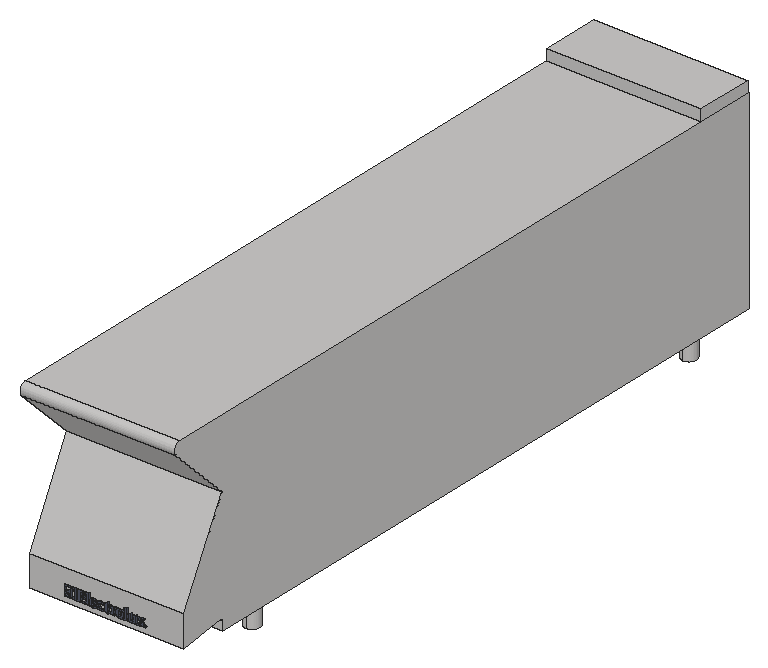
Revit family "QF_ELECTROLUXPROFESSIONAL_391543_E9SSAGAOMAE", category Specialty Equipment, Revit 2018
Family settings
  Round Connector Dimension = Use Diameter
  Part Type = Normal
  Work Plane-Based = No
  Always vertical = Yes
  Cut with Voids When Loaded = No
  Shared = No
  Room Calculation Point = No
Parameters (values of type "Standard")
  Weight = 13.00 kg
  Watts = 0 W
  Volts = 0 V
  URL Manufacturer = "http://professional.electrolux.com"
  URL = "http://professional.electrolux.com"
  Steam Supply Size = 0"
  Steam Supply Minimum Pressure = 0.00 psi
  Steam Supply Maximum Pressure = 0.00 psi
  Steam Pounds per Hour = 0
  Show Logo [instance] = yes
  Refrigeration Suction Line Size = 0 mm
  Refrigeration Liquid Line Size = 0 mm
  Refrigerant Compressor Remote = yes
  Phase = 0
  Model = "E9SSAGAOMAE"
  Manufacturer = "Electrolux Professional"
  Length Actual = 200 mm  # constant formula
  Item Number = "391543"
  Hot Water Size = 0"
  Height Actual = 250 mm  # constant formula
  HP = "0 HP"
  Gas Size = 0"
  Gas KW = 0
  Gas Input Pressure = 0.0 Btu/h
  Direct Waste Size = 0"
  Description = "WORKTOP 200 MM 3 MM WORKTOP"
  Depth Actual = 930 mm  # constant formula
  Cycle = 0 Hz
  Condensate Return Size = 0"
  Compressed Air Volume = 0 GPM
  Compressed Air Size = 0"
  Compressed Air Pressure = 0.00 psi
  Cold Water Size = 0"
  Accessory = yes
Reference planes
  plane 1 "BACK": y = 0
  plane 2: z = 0
  plane 3 "LEFT": x = 0
  plane 4 "RIGHT": x = 200
  plane 5 "FRONT": y = -930
  plane 6 "TOP": z = 274.638
  plane 7 "Center Y": x = 100
  plane 8 "Center X": y = -465
  plane 9: z = 24
  plane 10: z = 289
  plane 11: y = -82
  plane 12: y = -790
Forms (mm)
  Extrusion 1, solid, material "QF_Finishes_Stainless Steel"
    sketch origin (0, 0, 0) x (0, 1, 0) y (0, 0, 1)
      loop
        line (0, 24) -> (0, 274.637) -> (-921.37, 274.638)
        arc (-921.37, 274.638) -> (-929.343, 269.31) -> (-927.472, 259.906) r 8.63
        line (-927.472, 259.906) -> (-853.91, 186.343) -> (-914.833, 70.673) -> (-914.833, 30.491) -> (-855.71, 38.8)
        arc (-855.71, 38.8) -> (-853.185, 38.052) -> (-852.093, 35.656) r 3.175
        line (-852.093, 35.656) -> (-852.093, 24) -> (0, 24)
    from 0 to 200
  Extrusion 2, solid, material "QF_Finishes_Stainless Steel"
    sketch origin (0, -199.871, 0) x (1, 0, 0) y (0, 1, 0)
      loop
        circle (11.112, 117.871) r 9.525
      loop
        circle (188.888, 117.871) r 9.525
      loop
        circle (11.112, -590.129) r 9.525
      loop
        circle (188.888, -590.129) r 9.525
    from 0 to 23.812
  Extrusion 3, solid, material "QF_Finishes_Stainless Steel"
    sketch origin (0, -199.871, 0) x (0, 1, 0) y (0, 0, 1)
      loop
        line (199.871, 274.638) -> (199.871, 289) -> (123.671, 289) -> (123.671, 274.638) -> (199.871, 274.638)
    from 0 to 200
  Extrusion 4, solid, material "QF_Finishes_Navy Blue", visible <- "Show Logo"
    sketch origin (0, -914.833, 30.491) x (0, 0, 1) y (-1, 0, 0)
      loop
        line (21.086, -54.997) -> (8.72, -54.997)
        arc (8.72, -54.997) -> (14.903, -59.568) -> (21.086, -54.997) r 6.467
      loop
        arc (21.086, -54.368) -> (19.917, -49.225) -> (15.261, -46.747) r 6.338
        line (15.261, -46.747) -> (15.261, -48.793)
        arc (15.261, -48.793) -> (16.745, -52.448) -> (20.191, -54.368) r 5.941
        line (20.191, -54.368) -> (21.086, -54.368)
      loop
        arc (9.615, -54.368) -> (13.061, -52.448) -> (14.544, -48.793) r 5.941
        line (14.544, -48.793) -> (14.544, -46.747)
        arc (14.544, -46.747) -> (9.85, -49.221) -> (8.561, -54.368) r 6.504
        line (8.561, -54.368) -> (9.615, -54.368)
      loop
        line (21.761, -46.278) -> (8.017, -46.278) -> (8.017, -60.041) -> (21.761, -60.041) -> (21.761, -46.278)
      loop
        arc (21.845, -63.008) -> (21.497, -62.651) -> (21.13, -62.989) r 0.358
        arc (21.13, -62.989) -> (20.816, -63.739) -> (20.099, -64.124) r 1.216
        line (20.099, -64.124) -> (9.686, -64.124)
        arc (9.686, -64.124) -> (9.026, -63.846) -> (8.63, -63.25) r 1.238
        arc (8.63, -63.25) -> (8.236, -62.999) -> (7.93, -63.353) r 0.358
        line (7.93, -63.353) -> (7.93, -73.232) -> (10.681, -73.232) -> (10.681, -72.335)
        arc (10.681, -72.335) -> (9.772, -71.755) -> (9.316, -70.778) r 1.928
        line (9.316, -70.778) -> (9.316, -68.279)
        arc (9.316, -68.279) -> (9.592, -67.55) -> (10.281, -67.186) r 1.101
        line (10.281, -67.186) -> (14.367, -67.186) -> (14.367, -70.859)
        arc (14.367, -70.859) -> (14.014, -71.357) -> (13.449, -71.584) r 1.083
        arc (13.449, -71.584) -> (13.186, -71.89) -> (13.478, -72.168) r 0.292
        line (13.478, -72.168) -> (16.44, -72.168)
        arc (16.44, -72.168) -> (16.743, -71.895) -> (16.504, -71.565) r 0.305
        arc (16.504, -71.565) -> (16.014, -71.317) -> (15.709, -70.859) r 1.083
        line (15.709, -70.859) -> (15.709, -67.186) -> (20.386, -67.186) -> (20.386, -70.933)
        arc (20.386, -70.933) -> (20.172, -71.689) -> (19.565, -72.187) r 1.314
        arc (19.565, -72.187) -> (19.346, -72.591) -> (19.7, -72.883) r 0.361
        line (19.7, -72.883) -> (21.845, -72.883) -> (21.845, -63.008)
      loop
        arc (21.127, -73.664) -> (20.747, -74.583) -> (19.828, -74.963) r 1.299
        line (19.828, -74.963) -> (10.249, -74.963)
        arc (10.249, -74.963) -> (9.412, -74.585) -> (9.14, -73.707) r 1.118
        line (9.14, -73.707) -> (7.93, -73.707) -> (7.93, -79.057) -> (9.119, -79.057)
        arc (9.119, -79.057) -> (9.39, -78.14) -> (10.26, -77.744) r 1.153
        line (10.26, -77.744) -> (22.332, -77.744) -> (21.127, -73.664)
      loop
        line (12.895, -81.693) -> (12.895, -88.141) -> (13.694, -88.141)
        arc (13.694, -88.141) -> (16.275, -87.156) -> (17.543, -84.702) r 3.874
        line (17.543, -84.702) -> (17.543, -82.942)
        arc (17.543, -82.942) -> (16.357, -80.077) -> (13.492, -78.891) r 4.051
        line (13.492, -78.891) -> (11.484, -78.891)
        arc (11.484, -78.891) -> (8.666, -80.376) -> (7.614, -83.383) r 4.352
        arc (7.614, -83.383) -> (7.978, -85.846) -> (9.356, -87.92) r 5.713
        line (9.356, -87.92) -> (10.305, -87.92)
        arc (10.305, -87.92) -> (9.572, -86.351) -> (9.356, -84.633) r 5.579
        arc (9.356, -84.633) -> (10.15, -82.67) -> (12.029, -81.693) r 3.057
        line (12.029, -81.693) -> (12.895, -81.693)
      loop
        line (14.154, -81.693) -> (14.154, -85.275)
        arc (14.154, -85.275) -> (15.611, -85.322) -> (16.494, -84.163) r 1.59
        line (16.494, -84.163) -> (16.494, -83.333)
        arc (16.494, -83.333) -> (15.63, -82.078) -> (14.154, -81.693) r 2.184
      loop
        arc (16.945, -97.558) -> (17.434, -95.884) -> (17.592, -94.147) r 9.023
        line (17.592, -94.147) -> (17.592, -92.785)
        arc (17.592, -92.785) -> (16.432, -89.985) -> (13.633, -88.826) r 3.959
        line (13.633, -88.826) -> (11.032, -88.826)
        arc (11.032, -88.826) -> (8.751, -90.118) -> (7.633, -92.491) r 4.331
        line (7.633, -92.491) -> (7.633, -94.626)
        arc (7.633, -94.626) -> (8.141, -96.176) -> (9.063, -97.522) r 5.772
        arc (9.063, -97.522) -> (9.825, -97.573) -> (9.911, -96.814) r 0.553
        arc (9.911, -96.814) -> (9.523, -96.08) -> (9.389, -95.261) r 2.573
        line (9.389, -95.261) -> (9.389, -93.746)
        arc (9.389, -93.746) -> (10.395, -92.104) -> (12.21, -91.462) r 2.884
        line (12.21, -91.462) -> (13.489, -91.462)
        arc (13.489, -91.462) -> (15.31, -92.022) -> (16.236, -93.687) r 2.554
        line (16.236, -93.687) -> (16.236, -94.74)
        arc (16.236, -94.74) -> (15.905, -95.668) -> (15.248, -96.403) r 2.564
        arc (15.248, -96.403) -> (15.026, -97.12) -> (15.636, -97.558) r 0.643
        line (15.636, -97.558) -> (16.945, -97.558)
      loop
        line (15.927, -97.828) -> (15.927, -99.329) -> (9.879, -99.329)
        arc (9.879, -99.329) -> (8.291, -99.987) -> (7.633, -101.575) r 2.246
        line (7.633, -101.575) -> (7.633, -103.159)
        arc (7.633, -103.159) -> (7.947, -104.023) -> (8.448, -104.795) r 4.06
        arc (8.448, -104.795) -> (9.18, -104.928) -> (9.431, -104.227) r 0.576
        arc (9.431, -104.227) -> (9.325, -103.701) -> (9.389, -103.169) r 1.69
        arc (9.389, -103.169) -> (9.931, -102.381) -> (10.837, -102.078) r 1.506
        line (10.837, -102.078) -> (15.975, -102.078) -> (15.975, -104.475) -> (16.532, -105.031) -> (17.353, -105.031) -> (17.353, -102.172) -> (20.585, -102.172) -> (15.927, -97.828)
      loop
        line (7.851, -105.929) -> (7.851, -111.316) -> (8.961, -111.316)
        arc (8.961, -111.316) -> (9.355, -110.365) -> (10.306, -109.971) r 1.345
        line (10.306, -109.971) -> (13.922, -109.971)
        arc (13.922, -109.971) -> (14.686, -110.563) -> (14.976, -111.485) r 1.615
        line (14.976, -111.485) -> (14.976, -113.041) -> (17.532, -113.726) -> (17.532, -112.343) -> (15.589, -109.784) -> (17.469, -109.784) -> (17.185, -107.078)
        arc (17.185, -107.078) -> (16.745, -106.548) -> (16.087, -106.749) r 0.621
        arc (16.087, -106.749) -> (15.686, -107.091) -> (15.192, -107.274) r 1.501
        line (15.192, -107.274) -> (10.306, -107.274)
        arc (10.306, -107.274) -> (9.355, -106.88) -> (8.961, -105.929) r 1.345
        line (8.961, -105.929) -> (7.851, -105.929)
      loop
        line (13.952, -113.263) -> (11.26, -113.263)
        arc (11.26, -113.263) -> (8.815, -114.571) -> (7.681, -117.101) r 4.288
        arc (7.681, -117.101) -> (7.617, -118.482) -> (7.681, -119.862) r 15.022
        arc (7.681, -119.862) -> (8.815, -122.393) -> (11.26, -123.7) r 4.288
        line (11.26, -123.7) -> (13.952, -123.7)
        arc (13.952, -123.7) -> (16.398, -122.393) -> (17.532, -119.862) r 4.288
        arc (17.532, -119.862) -> (17.595, -118.482) -> (17.532, -117.101) r 15.022
        arc (17.532, -117.101) -> (16.398, -114.571) -> (13.952, -113.263) r 4.288
      loop
        line (14.157, -116.377) -> (11.056, -116.377)
        arc (11.056, -116.377) -> (8.899, -118.534) -> (11.056, -120.691) r 2.157
        line (11.056, -120.691) -> (14.157, -120.691)
        arc (14.157, -120.691) -> (16.314, -118.534) -> (14.157, -116.377) r 2.157
      loop
        arc (21.138, -123.558) -> (20.768, -124.452) -> (19.874, -124.823) r 1.264
        line (19.874, -124.823) -> (10.009, -124.823)
        arc (10.009, -124.823) -> (9.139, -124.426) -> (8.868, -123.51) r 1.153
        line (8.868, -123.51) -> (7.93, -123.51) -> (7.93, -128.618) -> (8.858, -128.618)
        arc (8.858, -128.618) -> (9.218, -127.846) -> (10.009, -127.531) r 1.153
        line (10.009, -127.531) -> (22.332, -127.531) -> (21.138, -123.558)
      loop
        arc (16.258, -128.156) -> (16.059, -129.22) -> (15.09, -129.702) r 1.215
        line (15.09, -129.702) -> (10.07, -129.702)
        arc (10.07, -129.702) -> (8.455, -130.349) -> (7.735, -131.932) r 2.338
        line (7.735, -131.932) -> (7.735, -133.447)
        arc (7.735, -133.447) -> (7.909, -134.451) -> (8.412, -135.337) r 2.979
        line (8.412, -135.337) -> (7.93, -137.134) -> (7.93, -138.822) -> (17.356, -138.822) -> (17.062, -134.619) -> (16.275, -134.619)
        arc (16.275, -134.619) -> (15.92, -135.455) -> (15.167, -135.964) r 1.605
        line (15.167, -135.964) -> (10.064, -135.964)
        arc (10.064, -135.964) -> (9.644, -135.027) -> (9.571, -134.003) r 2.94
        arc (9.571, -134.003) -> (10.132, -132.902) -> (11.286, -132.459) r 1.724
        line (11.286, -132.459) -> (17.482, -132.459) -> (16.258, -128.156)
      loop
        line (17.287, -139.676) -> (15.614, -141.722) -> (12.44, -144.028) -> (8.984, -140.916)
        arc (8.984, -140.916) -> (8.747, -140.522) -> (8.769, -140.063) r 0.789
        line (8.769, -140.063) -> (7.93, -140.063) -> (7.93, -143.608) -> (8.756, -143.608)
        arc (8.756, -143.608) -> (9.099, -143.246) -> (9.589, -143.338) r 0.52
        line (9.589, -143.338) -> (11.389, -144.809) -> (9.27, -146.185)
        arc (9.27, -146.185) -> (8.869, -145.875) -> (8.782, -145.375) r 0.7
        line (8.782, -145.375) -> (7.93, -145.375) -> (7.93, -151.302) -> (8.817, -151.302)
        arc (8.817, -151.302) -> (8.884, -150.643) -> (9.279, -150.112) r 1.247
        line (9.279, -150.112) -> (13.478, -146.831) -> (15.925, -148.884) -> (17.287, -150.626) -> (17.287, -146.902) -> (15.801, -147.325) -> (14.28, -146.048) -> (15.98, -144.858) -> (17.287, -145.634) -> (17.287, -139.676)
    from 0 to 1.644
Lines and regions (mm)
  symbolic lines
    curve 1: line (0, -930, 0) -> (200, -930, 0)
    curve 2: line (0, 0, 0) -> (0, -930, 0)
    curve 3: line (200, 0, 0) -> (0, 0, 0)
    curve 4: line (200, -930, 0) -> (200, 0, 0)
    curve 5: line (0, -76.2, 0) -> (200, -76.2, 0)
    curve 6: line (0, -923.65, 0) -> (200, -923.65, 0)
Dimensions and locks
  equal spacing: plane 3 "LEFT", plane 7 "Center Y", plane 4 "RIGHT"
  plane 3 "LEFT" to plane 4 "RIGHT" = 200 mm
  equal spacing: plane 5 "FRONT", plane 8 "Center X", plane 1 "BACK"
  plane 5 "FRONT" to plane 1 "BACK" = 930 mm
  plane 10 to level = 289 mm
  plane 9 to level = 24 mm
  Extrusion 1 to plane 9 = 250.637 mm
  plane 9 to plane 2 = 24 mm
  plane 11 to plane 1 "BACK" = 82 mm
  plane 12 to plane 11 = 708 mm
  Extrusion 1 to plane 12 = 124.833 mm
  Extrusion 1 to plane 1 "BACK" = 914.833 mm
  aligned and locked: level to plane 2
Automatic sketch dimensions
  curve 5 to plane 3 "LEFT" = 0 mm
  plane 1 "BACK" to curve 2 = 0 mm
  curve 6 to plane 4 "RIGHT" = 0 mm
  curve 5 to curve 3 = 76.2 mm
  curve 6 to plane 5 "FRONT" = 6.35 mm
  curve 2 to curve 6 = 6.35 mm
  Extrusion 2 sketch curve to Extrusion 2 sketch curve = 0 mm  (x8)
  plane 3 "LEFT" to Extrusion 2 sketch curve = 11.112 mm  (x2)
  Extrusion 2 sketch curve to plane 4 "RIGHT" = 11.112 mm  (x2)
  Extrusion 2 sketch curve to plane 8 "Center X" = 334.525 mm  (x2)
  Extrusion 2 sketch curve to Extrusion 2 sketch curve = 9.525 mm  (x4)
  plane 1 "BACK" to Extrusion 2 sketch curve = 91.525 mm  (x2)
  Extrusion 3 sketch curve to plane 6 "TOP" = 0 mm
  plane 1 "BACK" to Extrusion 3 sketch curve = 0 mm
  Extrusion 3 sketch curve to plane 10 = 0 mm
  plane 1 "BACK" to Extrusion 3 sketch curve = 76.2 mm
  Extrusion 1 sketch curve to plane 6 "TOP" = 0 mm
  Extrusion 1 sketch curve to plane 9 = 0 mm
  Extrusion 1 sketch curve to plane 1 "BACK" = 0 mm
  plane 9 to Extrusion 1 sketch curve = 11.656 mm
  Extrusion 1 sketch curve to plane 12 = 62.093 mm
  Extrusion 1 sketch curve to plane 12 = 63.91 mm
  Extrusion 1 sketch curve to Extrusion 1 sketch curve = 3.175 mm
  Extrusion 1 sketch curve to Extrusion 1 sketch curve = 0.442 mm
  Extrusion 1 sketch curve to plane 5 "FRONT" = 15.167 mm
  Extrusion 1 sketch curve to plane 5 "FRONT" = 8.63 mm
  Extrusion 1 sketch curve to plane 5 "FRONT" = 2.528 mm
  plane 9 to Extrusion 1 sketch curve = 6.491 mm
  Extrusion 1 sketch curve to Extrusion 1 sketch curve = 40.183 mm
  Extrusion 1 sketch curve to plane 6 "TOP" = 88.295 mm
  Extrusion 1 sketch curve to plane 6 "TOP" = 14.732 mm
  Extrusion 4 sketch curve to Extrusion 1 = 2.573 mm
  Extrusion 4 sketch curve to Extrusion 1 = 7.614 mm
  Extrusion 4 sketch curve to Extrusion 1 = 7.633 mm  (x2)
  Extrusion 4 sketch curve to Extrusion 4 sketch curve = 5.108 mm  (x2)
  Extrusion 4 sketch curve to Extrusion 4 sketch curve = 0 mm  (x27)
  Extrusion 4 sketch curve to Extrusion 1 = 7.735 mm
  Extrusion 4 sketch curve to Extrusion 4 sketch curve = 0.218 mm
  Extrusion 4 sketch curve to Extrusion 4 sketch curve = 0.195 mm
  Extrusion 4 sketch curve to Extrusion 4 sketch curve = 0.249 mm
  Extrusion 4 sketch curve to Extrusion 1 = 7.93 mm
  Extrusion 4 sketch curve to Extrusion 4 sketch curve = 0.087 mm
  Extrusion 4 sketch curve to Extrusion 4 sketch curve = 0.358 mm
  Extrusion 4 sketch curve to Extrusion 4 sketch curve = 0.481 mm
  Extrusion 4 sketch curve to Extrusion 4 sketch curve = 0.597 mm
  Extrusion 4 sketch curve to Extrusion 4 sketch curve = 0.544 mm
  Extrusion 4 sketch curve to Extrusion 4 sketch curve = 0.936 mm
  Extrusion 4 sketch curve to Extrusion 4 sketch curve = 0.594 mm
  Extrusion 4 sketch curve to Extrusion 4 sketch curve = 0.343 mm
  Extrusion 4 sketch curve to Extrusion 4 sketch curve = 0.159 mm
  Extrusion 4 sketch curve to Extrusion 4 sketch curve = 0.826 mm
  Extrusion 4 sketch curve to Extrusion 4 sketch curve = 0.839 mm
  Extrusion 4 sketch curve to Extrusion 4 sketch curve = 0.852 mm
  Extrusion 4 sketch curve to Extrusion 4 sketch curve = 0.887 mm
  Extrusion 4 sketch curve to Extrusion 4 sketch curve = 0.928 mm
  Extrusion 4 sketch curve to Extrusion 4 sketch curve = 0.938 mm
  Extrusion 4 sketch curve to Extrusion 4 sketch curve = 0.444 mm
  Extrusion 4 sketch curve to Extrusion 4 sketch curve = 1.11 mm  (x3)
  Extrusion 4 sketch curve to Extrusion 4 sketch curve = 0.215 mm
  Extrusion 4 sketch curve to Extrusion 4 sketch curve = 1.43 mm
  Extrusion 4 sketch curve to Extrusion 4 sketch curve = 1.188 mm
  Extrusion 4 sketch curve to Extrusion 4 sketch curve = 1.21 mm  (x2)
  Extrusion 4 sketch curve to Extrusion 4 sketch curve = 0.503 mm
  Extrusion 4 sketch curve to Extrusion 4 sketch curve = 0.488 mm
  Extrusion 4 sketch curve to Extrusion 4 sketch curve = 0.462 mm
  Extrusion 4 sketch curve to Extrusion 4 sketch curve = 1.386 mm
  Extrusion 4 sketch curve to Extrusion 4 sketch curve = 1.742 mm  (x2)
  Extrusion 4 sketch curve to Extrusion 4 sketch curve = 0.821 mm
  Extrusion 4 sketch curve to Extrusion 4 sketch curve = 0.497 mm
  Extrusion 4 sketch curve to Extrusion 4 sketch curve = 0.539 mm
  Extrusion 4 sketch curve to Extrusion 4 sketch curve = 0.686 mm
  Extrusion 4 sketch curve to Extrusion 4 sketch curve = 0.408 mm
  Extrusion 4 sketch curve to Extrusion 4 sketch curve = 0.743 mm
  Extrusion 4 sketch curve to Extrusion 4 sketch curve = 1.16 mm
  Extrusion 4 sketch curve to Extrusion 4 sketch curve = 0.329 mm
  Extrusion 4 sketch curve to Extrusion 4 sketch curve = 1.054 mm
  Extrusion 4 sketch curve to Extrusion 4 sketch curve = 1.056 mm
  Extrusion 4 sketch curve to Extrusion 4 sketch curve = 0.129 mm
  Extrusion 4 sketch curve to Extrusion 4 sketch curve = 0.489 mm
  Extrusion 4 sketch curve to Extrusion 4 sketch curve = 0.441 mm
  Extrusion 4 sketch curve to Extrusion 4 sketch curve = 1.151 mm
  Extrusion 4 sketch curve to Extrusion 4 sketch curve = 1.141 mm  (x2)
  Extrusion 4 sketch curve to Extrusion 4 sketch curve = 0.768 mm
  Extrusion 4 sketch curve to Extrusion 4 sketch curve = 1.653 mm
  Extrusion 4 sketch curve to Extrusion 4 sketch curve = 0.499 mm
  Extrusion 4 sketch curve to Extrusion 4 sketch curve = 0.964 mm
  Extrusion 4 sketch curve to Extrusion 4 sketch curve = 0.949 mm
  Extrusion 4 sketch curve to Extrusion 4 sketch curve = 1.345 mm  (x3)
  Extrusion 4 sketch curve to Extrusion 4 sketch curve = 1.101 mm
  Extrusion 4 sketch curve to Extrusion 4 sketch curve = 0.432 mm
  Extrusion 4 sketch curve to Extrusion 4 sketch curve = 1.142 mm
  Extrusion 4 sketch curve to Extrusion 4 sketch curve = 0.959 mm
  Extrusion 4 sketch curve to Extrusion 4 sketch curve = 0.176 mm
  Extrusion 4 sketch curve to Extrusion 4 sketch curve = 0.728 mm
  Extrusion 4 sketch curve to Extrusion 4 sketch curve = 3.375 mm  (x2)
  Extrusion 4 sketch curve to Extrusion 4 sketch curve = 0.541 mm
  Extrusion 4 sketch curve to Extrusion 4 sketch curve = 0.955 mm
  Extrusion 4 sketch curve to Extrusion 4 sketch curve = 1.251 mm
  Extrusion 4 sketch curve to Extrusion 4 sketch curve = 0.572 mm
  Extrusion 4 sketch curve to Extrusion 4 sketch curve = 1.92 mm
  Extrusion 4 sketch curve to Extrusion 4 sketch curve = 1.224 mm
  Extrusion 4 sketch curve to Extrusion 4 sketch curve = 0.745 mm
  Extrusion 4 sketch curve to Extrusion 4 sketch curve = 2.537 mm
  Extrusion 4 sketch curve to Extrusion 4 sketch curve = 0.896 mm  (x3)
  Extrusion 4 sketch curve to Extrusion 4 sketch curve = 0.036 mm
  Extrusion 4 sketch curve to Extrusion 4 sketch curve = 2.607 mm
  Extrusion 4 sketch curve to Extrusion 4 sketch curve = 0.066 mm
  Extrusion 4 sketch curve to Extrusion 4 sketch curve = 0.248 mm
  Extrusion 4 sketch curve to Extrusion 4 sketch curve = 0.449 mm
  Extrusion 4 sketch curve to Extrusion 4 sketch curve = 1.052 mm
  Extrusion 4 sketch curve to Extrusion 4 sketch curve = 1.863 mm
  Extrusion 4 sketch curve to Extrusion 4 sketch curve = 1.31 mm  (x2)
  Extrusion 4 sketch curve to Extrusion 4 sketch curve = 0.901 mm
  Extrusion 4 sketch curve to Extrusion 4 sketch curve = 1.107 mm
  Extrusion 4 sketch curve to Extrusion 4 sketch curve = 2.122 mm
  Extrusion 4 sketch curve to Extrusion 4 sketch curve = 2.101 mm
  Extrusion 4 sketch curve to Extrusion 4 sketch curve = 0.106 mm
  Extrusion 4 sketch curve to Extrusion 4 sketch curve = 0.029 mm
  Extrusion 4 sketch curve to Extrusion 4 sketch curve = 2.09 mm
  Extrusion 4 sketch curve to Extrusion 4 sketch curve = 1.279 mm
  Extrusion 4 sketch curve to Extrusion 4 sketch curve = 2.008 mm
  Extrusion 4 sketch curve to Extrusion 4 sketch curve = 0.738 mm
  Extrusion 4 sketch curve to Extrusion 4 sketch curve = 0.382 mm
  Extrusion 4 sketch curve to Extrusion 4 sketch curve = 0.384 mm
  Extrusion 4 sketch curve to Extrusion 4 sketch curve = 0.002 mm
  Extrusion 4 sketch curve to Extrusion 4 sketch curve = 0.561 mm
  Extrusion 4 sketch curve to Extrusion 4 sketch curve = 0.592 mm
  Extrusion 4 sketch curve to Extrusion 4 sketch curve = 2.692 mm
  Extrusion 4 sketch curve to Extrusion 4 sketch curve = 1.259 mm
  Extrusion 4 sketch curve to Extrusion 4 sketch curve = 0.802 mm
  Extrusion 4 sketch curve to Extrusion 4 sketch curve = 1.024 mm  (x2)
  Extrusion 4 sketch curve to Extrusion 4 sketch curve = 0.682 mm
  Extrusion 4 sketch curve to Extrusion 4 sketch curve = 5.934 mm
  Extrusion 4 sketch curve to Extrusion 4 sketch curve = 2.186 mm
  Extrusion 4 sketch curve to Extrusion 4 sketch curve = 0.337 mm
  Extrusion 4 sketch curve to Extrusion 4 sketch curve = 0.021 mm
  Extrusion 4 sketch curve to Extrusion 4 sketch curve = 1.005 mm
  Extrusion 4 sketch curve to Extrusion 4 sketch curve = 0.552 mm
  Extrusion 4 sketch curve to Extrusion 4 sketch curve = 0.778 mm
  Extrusion 4 sketch curve to Extrusion 4 sketch curve = 0.063 mm
  Extrusion 4 sketch curve to Extrusion 4 sketch curve = 1.023 mm
  Extrusion 4 sketch curve to Extrusion 4 sketch curve = 3.804 mm
  Extrusion 4 sketch curve to Extrusion 4 sketch curve = 0.486 mm
  Extrusion 4 sketch curve to Extrusion 4 sketch curve = 0.266 mm
  Extrusion 4 sketch curve to Extrusion 4 sketch curve = 1.547 mm
  Extrusion 4 sketch curve to Extrusion 4 sketch curve = 0.717 mm  (x2)
  Extrusion 4 sketch curve to Extrusion 4 sketch curve = 1.667 mm
  Extrusion 4 sketch curve to Extrusion 4 sketch curve = 3.174 mm
  Extrusion 4 sketch curve to Extrusion 4 sketch curve = 0.388 mm
  Extrusion 4 sketch curve to Extrusion 4 sketch curve = 1.342 mm
  Extrusion 4 sketch curve to Extrusion 4 sketch curve = 1.521 mm
  Extrusion 4 sketch curve to Extrusion 4 sketch curve = 0.124 mm
  Extrusion 4 sketch curve to Extrusion 4 sketch curve = 0.291 mm
  Extrusion 4 sketch curve to Extrusion 4 sketch curve = 1.049 mm  (x2)
  Extrusion 4 sketch curve to Extrusion 4 sketch curve = 1.7 mm
  Extrusion 4 sketch curve to Extrusion 4 sketch curve = 0.894 mm
  Extrusion 4 sketch curve to Extrusion 4 sketch curve = 0.989 mm
  Extrusion 4 sketch curve to Extrusion 4 sketch curve = 1.168 mm
  Extrusion 4 sketch curve to Extrusion 4 sketch curve = 1.594 mm
  Extrusion 4 sketch curve to Extrusion 4 sketch curve = 0.731 mm
  Extrusion 4 sketch curve to Extrusion 4 sketch curve = 1.566 mm
  Extrusion 4 sketch curve to Extrusion 4 sketch curve = 0.064 mm
  Extrusion 4 sketch curve to Extrusion 4 sketch curve = 0.556 mm  (x2)
  Extrusion 4 sketch curve to Extrusion 4 sketch curve = 0.48 mm
  Extrusion 4 sketch curve to Extrusion 4 sketch curve = 1.018 mm
  Extrusion 4 sketch curve to Extrusion 4 sketch curve = 0.787 mm
  Extrusion 4 sketch curve to Extrusion 4 sketch curve = 0.618 mm
  Extrusion 4 sketch curve to Extrusion 4 sketch curve = 1.672 mm
  Extrusion 4 sketch curve to Extrusion 4 sketch curve = 1.361 mm
  Extrusion 4 sketch curve to Extrusion 4 sketch curve = 0.822 mm
  Extrusion 4 sketch curve to Extrusion 4 sketch curve = 0.069 mm
  Extrusion 4 sketch curve to Extrusion 4 sketch curve = 1.88 mm
  Extrusion 4 sketch curve to Extrusion 4 sketch curve = 0.42 mm
  Extrusion 4 sketch curve to Extrusion 4 sketch curve = 0.062 mm
  Extrusion 4 sketch curve to Extrusion 4 sketch curve = 1.355 mm
  Extrusion 4 sketch curve to Extrusion 4 sketch curve = 2.34 mm
  Extrusion 4 sketch curve to Extrusion 4 sketch curve = 0.493 mm
  Extrusion 4 sketch curve to Extrusion 4 sketch curve = 0.136 mm
  Extrusion 4 sketch curve to Extrusion 4 sketch curve = 0.128 mm
  Extrusion 4 sketch curve to Extrusion 4 sketch curve = 3.616 mm
  Extrusion 4 sketch curve to Extrusion 4 sketch curve = 4.207 mm
  Extrusion 4 sketch curve to Extrusion 4 sketch curve = 0.183 mm
  Extrusion 4 sketch curve to Extrusion 4 sketch curve = 0.895 mm
  Extrusion 4 sketch curve to Extrusion 4 sketch curve = 1.314 mm
  Extrusion 4 sketch curve to Extrusion 4 sketch curve = 3.231 mm
  Extrusion 4 sketch curve to Extrusion 4 sketch curve = 1.299 mm
  Extrusion 4 sketch curve to Extrusion 4 sketch curve = 1.214 mm
  Extrusion 4 sketch curve to Extrusion 4 sketch curve = 1.264 mm
  Extrusion 4 sketch curve to Extrusion 4 sketch curve = 0.109 mm
  Extrusion 4 sketch curve to Extrusion 4 sketch curve = 0.357 mm
  Extrusion 4 sketch curve to Extrusion 4 sketch curve = 0.565 mm
  Extrusion 4 sketch curve to Extrusion 4 sketch curve = 2.504 mm
  Extrusion 4 sketch curve to Extrusion 4 sketch curve = 2.459 mm
  Extrusion 1 to Extrusion 4 sketch curve = 48.698 mm
  Extrusion 4 sketch curve to Extrusion 4 sketch curve = 0.208 mm
  Extrusion 4 sketch curve to Extrusion 4 sketch curve = 0.468 mm  (x2)
  Extrusion 4 sketch curve to Extrusion 4 sketch curve = 1.559 mm
  Extrusion 4 sketch curve to Extrusion 4 sketch curve = 0.422 mm  (x2)
  Extrusion 4 sketch curve to Extrusion 4 sketch curve = 0.494 mm
  Extrusion 4 sketch curve to Extrusion 4 sketch curve = 3.927 mm
  Extrusion 4 sketch curve to Extrusion 4 sketch curve = 0.782 mm
  Extrusion 4 sketch curve to Extrusion 4 sketch curve = 1.268 mm
  Extrusion 4 sketch curve to Extrusion 4 sketch curve = 0.671 mm
  Extrusion 4 sketch curve to Extrusion 4 sketch curve = 0.777 mm
  Extrusion 4 sketch curve to Extrusion 4 sketch curve = 0.704 mm
  Extrusion 4 sketch curve to Extrusion 4 sketch curve = 0.781 mm  (x2)
  Extrusion 4 sketch curve to Extrusion 4 sketch curve = 1.634 mm
  Extrusion 4 sketch curve to Extrusion 4 sketch curve = 0.132 mm
  Extrusion 4 sketch curve to Extrusion 4 sketch curve = 3.136 mm
  Extrusion 4 sketch curve to Extrusion 4 sketch curve = 2.422 mm
  Extrusion 4 sketch curve to Extrusion 4 sketch curve = 0.586 mm
  Extrusion 4 sketch curve to Extrusion 4 sketch curve = 2.046 mm  (x2)
  Extrusion 4 sketch curve to Extrusion 4 sketch curve = 1.241 mm
  Extrusion 4 sketch curve to Extrusion 4 sketch curve = 1.689 mm
  Extrusion 4 sketch curve to Extrusion 4 sketch curve = 2.859 mm
  Extrusion 4 sketch curve to Extrusion 4 sketch curve = 0.627 mm
  Extrusion 4 sketch curve to Extrusion 4 sketch curve = 0.863 mm
  Extrusion 4 sketch curve to Extrusion 4 sketch curve = 0.419 mm
  Extrusion 4 sketch curve to Extrusion 4 sketch curve = 1.514 mm
  Extrusion 4 sketch curve to Extrusion 4 sketch curve = 1.019 mm
  Extrusion 4 sketch curve to Extrusion 4 sketch curve = 0.065 mm
  Extrusion 4 sketch curve to Extrusion 4 sketch curve = 1.215 mm
  Extrusion 4 sketch curve to Extrusion 4 sketch curve = 2.708 mm
  Extrusion 4 sketch curve to Extrusion 4 sketch curve = 1.122 mm
  Extrusion 4 sketch curve to Extrusion 4 sketch curve = 1.153 mm
  Extrusion 4 sketch curve to Extrusion 4 sketch curve = 3.009 mm
  Extrusion 4 sketch curve to Extrusion 4 sketch curve = 0.829 mm  (x2)
  Extrusion 4 sketch curve to Extrusion 4 sketch curve = 0.934 mm
  Extrusion 4 sketch curve to Extrusion 4 sketch curve = 3.376 mm
  Extrusion 4 sketch curve to Extrusion 4 sketch curve = 0.222 mm
  Extrusion 4 sketch curve to Extrusion 4 sketch curve = 1.383 mm
  Extrusion 4 sketch curve to Extrusion 4 sketch curve = 1.556 mm
  Extrusion 4 sketch curve to Extrusion 4 sketch curve = 2.559 mm
  Extrusion 4 sketch curve to Extrusion 4 sketch curve = 2.51 mm
  Extrusion 4 sketch curve to Extrusion 4 sketch curve = 0.131 mm
  Extrusion 4 sketch curve to Extrusion 4 sketch curve = 1.717 mm
  Extrusion 4 sketch curve to Extrusion 4 sketch curve = 1.134 mm
  Extrusion 4 sketch curve to Extrusion 4 sketch curve = 0.366 mm
  Extrusion 4 sketch curve to Extrusion 4 sketch curve = 0.094 mm
  Extrusion 4 sketch curve to Extrusion 4 sketch curve = 1.584 mm
  Extrusion 4 sketch curve to Extrusion 4 sketch curve = 1.501 mm
  Extrusion 4 sketch curve to Extrusion 4 sketch curve = 0.27 mm
  Extrusion 4 sketch curve to Extrusion 4 sketch curve = 1.808 mm
  Extrusion 4 sketch curve to Extrusion 4 sketch curve = 0.643 mm
  Extrusion 4 sketch curve to Extrusion 4 sketch curve = 0.916 mm
  Extrusion 4 sketch curve to Extrusion 4 sketch curve = 0.352 mm
  Extrusion 4 sketch curve to Extrusion 4 sketch curve = 0.458 mm
  Extrusion 4 sketch curve to Extrusion 4 sketch curve = 1.282 mm
  Extrusion 4 sketch curve to Extrusion 4 sketch curve = 1.363 mm
  Extrusion 4 sketch curve to Extrusion 4 sketch curve = 0.685 mm
  Extrusion 4 sketch curve to Extrusion 4 sketch curve = 0.905 mm
  Extrusion 4 sketch curve to Extrusion 4 sketch curve = 2.865 mm
  Extrusion 4 sketch curve to Extrusion 4 sketch curve = 0.472 mm
  Extrusion 4 sketch curve to Extrusion 4 sketch curve = 0.101 mm
  Extrusion 4 sketch curve to Extrusion 4 sketch curve = 0.54 mm
  Extrusion 4 sketch curve to Extrusion 4 sketch curve = 0.02 mm
  Extrusion 4 sketch curve to Extrusion 4 sketch curve = 0.582 mm
  Extrusion 4 sketch curve to Extrusion 4 sketch curve = 0.166 mm
  Extrusion 4 sketch curve to Extrusion 4 sketch curve = 0.16 mm
  Extrusion 4 sketch curve to Extrusion 4 sketch curve = 2.781 mm
  Extrusion 4 sketch curve to Extrusion 4 sketch curve = 1.118 mm
  Extrusion 4 sketch curve to Extrusion 4 sketch curve = 0.613 mm
  Extrusion 4 sketch curve to Extrusion 4 sketch curve = 0.361 mm
  Extrusion 4 sketch curve to Extrusion 4 sketch curve = 0.897 mm
  Extrusion 4 sketch curve to Extrusion 4 sketch curve = 0.167 mm
  Extrusion 4 sketch curve to Extrusion 4 sketch curve = 0.292 mm
  Extrusion 4 sketch curve to Extrusion 4 sketch curve = 0.305 mm
  Extrusion 4 sketch curve to Extrusion 4 sketch curve = 1.557 mm
  Extrusion 4 sketch curve to Extrusion 4 sketch curve = 2.499 mm
  Extrusion 4 sketch curve to Extrusion 4 sketch curve = 3.062 mm
  Extrusion 4 sketch curve to Extrusion 4 sketch curve = 2.968 mm
  Extrusion 4 sketch curve to Extrusion 4 sketch curve = 5.044 mm
  Extrusion 4 sketch curve to Extrusion 4 sketch curve = 0.629 mm  (x2)
  Extrusion 4 sketch curve to Extrusion 4 sketch curve = 1.131 mm
  Extrusion 4 sketch curve to Extrusion 4 sketch curve = 0.137 mm
  Extrusion 4 sketch curve to Extrusion 4 sketch curve = 0.027 mm
  Extrusion 4 sketch curve to Extrusion 4 sketch curve = 2.235 mm
